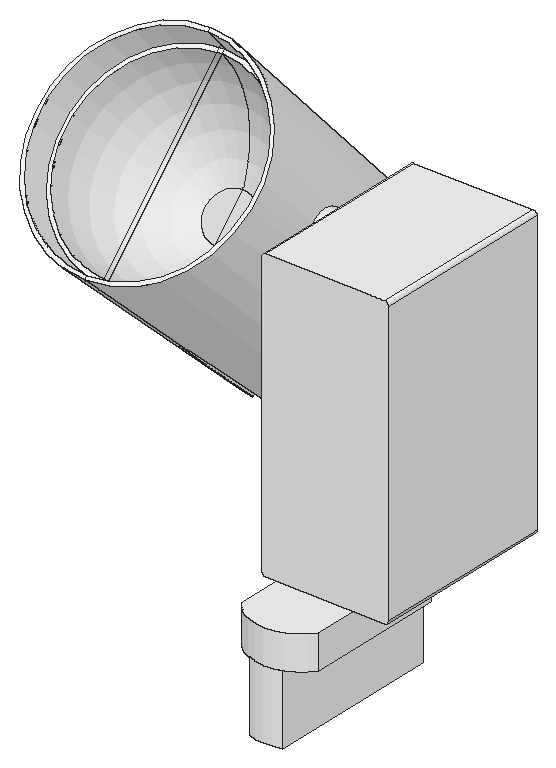
Revit family "0004827 Feilo Sylvania Lighting Fixture START TRACK SPOT S 24W 4K RA80 MB WHITE", category Lighting Fixtures, host Face, Revit 2017 (continued)
Definition of nested family "Start Track Spot Head"
  Types (96, lengths in mm): name | Wattage | built-in parameter 1150134 | Photometric Web File | Model | built-in parameter 1150105 | Lumens | built-in parameter 1150107 | built-in parameter 1150106 | HeadThickness_FEILO | HeadRibOffset_FEILO | HeadRibDepth_FEILO | HeadRibCutWidth_FEILO | HeadRibCutOffset_FEILO | HeadReflectorRadius_FEILO | HeadReflectorOffset_FEILO | HeadLEDRadius_FEILO | HeadHeight_FEILO | HeadDiffusorOffset_FEILO | HeadDiaOut_FEILO | HeadDiaIn_FEILO | HeadAxisFromTop_FEILO | Emit from Circle Diameter | built-in parameter 1150104 | Description | Apparent Load
    0004864 START TRACK SPOT S 24W 3K RA90 WB WHITE | 24 W | (empty or 0) | "0004864.ies" | "START TRACK SPOT S 24W 3K RA90 WB WHITE" | 152.79 (stored number, unit not read) | 1920 lm | 3000 (stored number, unit not read) | 1.5279 (stored number, unit not read) | 1.5 | 4.179 | 55.714 | 7.167 | 50.87 | 50.588 | 55.714 | 9.556 | 117 | 9.435 | 86 | 77.477 | 69.354 | 77.477 | 7.4322 (stored number, unit not read) | "Integrated LED spotlight, Textured White - RAL9016, compact and minimalist design, ideal for retail applications, die-cast aluminium body, passive cooling heatsink. Beam angle: 64°, color temperature: 3000K , total system power: 24W, total fixture output: 1928 lm, LOR: 100%, colour rendering: Ra: 90 typical, LED Chromaticity: 3 step MacAdam ellipse, lifetime: >50000 hours at L70B50, energy class: A++, A+, A, IR/UV free light source without heat radiation, operating voltage: 220-240V / 50-60Hz, drive current: 600mA, electronic driver, non-dimmable, power factor: 0.95, electrical protection: Class II, Global Track 3 Phase adapter suitable for Global trac 3-circuit tracks, ingress protection rating: IP20, suitable for internal environment only, horizontal rotation: 355°, vertical tilt: 90°, dimensions: Ø86x140x200, weight: 0.966kg." | 24 VA
    0004863 START TRACK SPOT S 24W 3K RA90 MB WHITE | 24 W | (empty or 0) | "0004863.ies" | "START TRACK SPOT S 24W 3K RA90 MB WHITE" | 154.7 (stored number, unit not read) | 1944 lm | 3000 (stored number, unit not read) | 1.547 (stored number, unit not read) | 1.5 | 4.179 | 55.714 | 7.167 | 50.87 | 50.588 | 55.714 | 9.556 | 117 | 9.435 | 86 | 77.477 | 69.354 | 77.477 | 7.5251 (stored number, unit not read) | "Integrated LED spotlight, Textured White - RAL9016, compact and minimalist design, ideal for retail applications, die-cast aluminium body, passive cooling heatsink. Beam angle: 36°, color temperature: 3000K , total system power: 24W, total fixture output: 1944 lm, LOR: 100%, colour rendering: Ra: 90 typical, LED Chromaticity: 3 step MacAdam ellipse, lifetime: >50000 hours at L70B50, energy class: A++, A+, A, IR/UV free light source without heat radiation, operating voltage: 220-240V / 50-60Hz, drive current: 600mA, electronic driver, non-dimmable, power factor: 0.95, electrical protection: Class II, Global Track 3 Phase adapter suitable for Global trac 3-circuit tracks, ingress protection rating: IP20, suitable for internal environment only, horizontal rotation: 355°, vertical tilt: 90°, dimensions: Ø86x140x200, weight: 0.966kg." | 24 VA
    0004862 START TRACK SPOT S 24W 3K RA90 NB WHITE | 24 W | (empty or 0) | "0004862.ies" | "START TRACK SPOT S 24W 3K RA90 NB WHITE" | 158.52 (stored number, unit not read) | 1992 lm | 3000 (stored number, unit not read) | 1.5852 (stored number, unit not read) | 1.5 | 4.179 | 55.714 | 7.167 | 50.87 | 50.588 | 55.714 | 9.556 | 117 | 9.435 | 86 | 77.477 | 69.354 | 77.477 | 7.711 (stored number, unit not read) | "Integrated LED spotlight, Textured White - RAL9016, compact and minimalist design, ideal for retail applications, die-cast aluminium body, passive cooling heatsink. Beam angle: 12°, color temperature: 3000K , total system power: 24W, total fixture output: 1987 lm, LOR: 100%, colour rendering: Ra: 90 typical, LED Chromaticity: 3 step MacAdam ellipse, lifetime: >50000 hours at L70B50, energy class: A++, A+, A, IR/UV free light source without heat radiation, operating voltage: 220-240V / 50-60Hz, drive current: 600mA, electronic driver, non-dimmable, power factor: 0.95, electrical protection: Class II, Global Track 3 Phase adapter suitable for Global trac 3-circuit tracks, ingress protection rating: IP20, suitable for internal environment only, horizontal rotation: 355°, vertical tilt: 90°, dimensions: Ø86x140x200, weight: 0.966kg." | 24 VA
    0004861 START TRACK SPOT S 14W 3K RA90 WB WHITE | 14 W | (empty or 0) | "0004861.ies" | "START TRACK SPOT S 14W 3K RA90 WB WHITE" | 100.27 (stored number, unit not read) | 1260 lm | 3000 (stored number, unit not read) | 1.0027 (stored number, unit not read) | 1.5 | 4.179 | 55.714 | 7.167 | 50.87 | 50.588 | 55.714 | 9.556 | 117 | 9.435 | 86 | 77.477 | 69.354 | 77.477 | 8.3613 (stored number, unit not read) | "Integrated LED spotlight, Textured White - RAL9016, compact and minimalist design, ideal for retail applications, die-cast aluminium body, passive cooling heatsink. Beam angle: 64°, color temperature: 3000K , total system power: 14W, total fixture output: 1262 lm, LOR: 100%, colour rendering: Ra: 90 typical, LED Chromaticity: 3 step MacAdam ellipse, lifetime: >50000 hours at L70B50, energy class: A++, A+, A, IR/UV free light source without heat radiation, operating voltage: 220-240V / 50-60Hz, drive current: 350mA, electronic driver, non-dimmable, power factor: 0.92, electrical protection: Class II, Global Track 3 Phase adapter suitable for Global trac 3-circuit tracks, ingress protection rating: IP20, suitable for internal environment only, horizontal rotation: 355°, vertical tilt: 90°, dimensions: Ø86x140x200, weight: 0.940kg." | 14 VA
    0004860 START TRACK SPOT S 14W 3K RA90 MB WHITE | 14 W | (empty or 0) | "0004860.ies" | "START TRACK SPOT S 14W 3K RA90 MB WHITE" | 100.27 (stored number, unit not read) | 1260 lm | 3000 (stored number, unit not read) | 1.0027 (stored number, unit not read) | 1.5 | 4.179 | 55.714 | 7.167 | 50.87 | 50.588 | 55.714 | 9.556 | 117 | 9.435 | 86 | 77.477 | 69.354 | 77.477 | 8.3613 (stored number, unit not read) | "Integrated LED spotlight, Textured White - RAL9016, compact and minimalist design, ideal for retail applications, die-cast aluminium body, passive cooling heatsink. Beam angle: 36°, color temperature: 3000K , total system power: 14W, total fixture output: 1262 lm, LOR: 100%, colour rendering: Ra: 90 typical, LED Chromaticity: 3 step MacAdam ellipse, lifetime: >50000 hours at L70B50, energy class: A++, A+, A, IR/UV free light source without heat radiation, operating voltage: 220-240V / 50-60Hz, drive current: 350mA, electronic driver, non-dimmable, power factor: 0.92, electrical protection: Class II, Global Track 3 Phase adapter suitable for Global trac 3-circuit tracks, ingress protection rating: IP20, suitable for internal environment only, horizontal rotation: 355°, vertical tilt: 90°, dimensions: Ø86x140x200, weight: 0.940kg." | 14 VA
    0004859 START TRACK SPOT S 14W 3K RA90 NB WHITE | 14 W | (empty or 0) | "0004859.ies" | "START TRACK SPOT S 14W 3K RA90 NB WHITE" | 102.5 (stored number, unit not read) | 1288 lm | 3000 (stored number, unit not read) | 1.025 (stored number, unit not read) | 1.5 | 4.179 | 55.714 | 7.167 | 50.87 | 50.588 | 55.714 | 9.556 | 117 | 9.435 | 86 | 77.477 | 69.354 | 77.477 | 8.5471 (stored number, unit not read) | "Integrated LED spotlight, Textured White - RAL9016, compact and minimalist design, ideal for retail applications, die-cast aluminium body, passive cooling heatsink. Beam angle: 12°, color temperature: 3000K , total system power: 14W, total fixture output: 1284 lm, LOR: 100%, colour rendering: Ra: 90 typical, LED Chromaticity: 3 step MacAdam ellipse, lifetime: >50000 hours at L70B50, energy class: A++, A+, A, IR/UV free light source without heat radiation, operating voltage: 220-240V / 50-60Hz, drive current: 350mA, electronic driver, non-dimmable, power factor: 0.92, electrical protection: Class II, Global Track 3 Phase adapter suitable for Global trac 3-circuit tracks, ingress protection rating: IP20, suitable for internal environment only, horizontal rotation: 355°, vertical tilt: 90°, dimensions: Ø86x140x200, weight: 0.940kg." | 14 VA
    0004858 START TRACK SPOT L 55W 4K RA80 WB BLACK | 55 W | 12 | "0004858.ies" | "START TRACK SPOT L 55W 4K RA80 WB BLACK" | 424.55 (stored number, unit not read) | 5335 lm | 4000 (stored number, unit not read) | 4.2455 (stored number, unit not read) | 2 | 4.429 | 59.048 | 9.417 | 53.913 | 66.471 | 59.048 | 12.556 | 124 | 10 | 113 | 101.802 | 73.503 | 101.802 | 9.0116 (stored number, unit not read) | "Integrated LED spotlight, Textured Black - RAL9005, compact and minimalist design, ideal for retail applications, die-cast aluminium body, passive cooling heatsink. Beam angle: 52°, color temperature: 4000K , total system power: 55W, total fixture output: 5320 lm, LOR: 100%, colour rendering: Ra: 80 typical, LED Chromaticity: 3 step MacAdam ellipse, lifetime: >50000 hours at L70B50, energy class: A++, A+, A, IR/UV free light source without heat radiation, operating voltage: 220-240V / 50-60Hz, drive current: 1400mA, electronic driver, non-dimmable, power factor: 0.96, electrical protection: Class II, Global Track 3 Phase adapter suitable for Global trac 3-circuit tracks, ingress protection rating: IP20, suitable for internal environment only, horizontal rotation: 355°, vertical tilt: 90°, dimensions: Ø113x164x240, weight: 1.398kg." | 55 VA
    0004857 START TRACK SPOT L 55W 4K RA80 MB BLACK | 55 W | 12 | "0004857.ies" | "START TRACK SPOT L 55W 4K RA80 MB BLACK" | 428.92 (stored number, unit not read) | 5390 lm | 4000 (stored number, unit not read) | 4.2892 (stored number, unit not read) | 2 | 4.429 | 59.048 | 9.417 | 53.913 | 66.471 | 59.048 | 12.556 | 124 | 10 | 113 | 101.802 | 73.503 | 101.802 | 9.1045 (stored number, unit not read) | "Integrated LED spotlight, Textured Black - RAL9005, compact and minimalist design, ideal for retail applications, die-cast aluminium body, passive cooling heatsink. Beam angle: 38°, color temperature: 4000K , total system power: 55W, total fixture output: 5378 lm, LOR: 100%, colour rendering: Ra: 80 typical, LED Chromaticity: 3 step MacAdam ellipse, lifetime: >50000 hours at L70B50, energy class: A++, A+, A, IR/UV free light source without heat radiation, operating voltage: 220-240V / 50-60Hz, drive current: 1400mA, electronic driver, non-dimmable, power factor: 0.96, electrical protection: Class II, Global Track 3 Phase adapter suitable for Global trac 3-circuit tracks, ingress protection rating: IP20, suitable for internal environment only, horizontal rotation: 355°, vertical tilt: 90°, dimensions: Ø113x164x240, weight: 1.398kg." | 55 VA
    0004856 START TRACK SPOT L 55W 4K RA80 NB BLACK | 55 W | 12 | "0004856.ies" | "START TRACK SPOT L 55W 4K RA80 NB BLACK" | 433.3 (stored number, unit not read) | 5445 lm | 4000 (stored number, unit not read) | 4.333 (stored number, unit not read) | 2 | 4.429 | 59.048 | 9.417 | 53.913 | 66.471 | 59.048 | 12.556 | 124 | 10 | 113 | 101.802 | 73.503 | 101.802 | 9.1974 (stored number, unit not read) | "Integrated LED spotlight, Textured Black - RAL9005, compact and minimalist design, ideal for retail applications, die-cast aluminium body, passive cooling heatsink. Beam angle: 15°, color temperature: 4000K , total system power: 55W, total fixture output: 5426 lm, LOR: 100%, colour rendering: Ra: 80 typical, LED Chromaticity: 3 step MacAdam ellipse, lifetime: >50000 hours at L70B50, energy class: A++, A+, A, IR/UV free light source without heat radiation, operating voltage: 220-240V / 50-60Hz, drive current: 1400mA, electronic driver, non-dimmable, power factor: 0.96, electrical protection: Class II, Global Track 3 Phase adapter suitable for Global trac 3-circuit tracks, ingress protection rating: IP20, suitable for internal environment only, horizontal rotation: 355°, vertical tilt: 90°, dimensions: Ø113x164x240, weight: 1.398kg." | 55 VA
    0004855 START TRACK SPOT L 35W 4K RA80 WB BLACK | 35 W | 12 | "0004855.ies" | "START TRACK SPOT L 35W 4K RA80 WB BLACK" | 320.3 (stored number, unit not read) | 4025 lm | 4000 (stored number, unit not read) | 3.203 (stored number, unit not read) | 2 | 4.429 | 59.048 | 9.417 | 53.913 | 66.471 | 59.048 | 12.556 | 124 | 10 | 113 | 101.802 | 73.503 | 101.802 | 10.684 (stored number, unit not read) | "Integrated LED spotlight, Textured Black - RAL9005, compact and minimalist design, ideal for retail applications, die-cast aluminium body, passive cooling heatsink. Beam angle: 52°, color temperature: 4000K , total system power: 35W, total fixture output: 4010 lm, LOR: 100%, colour rendering: Ra: 80 typical, LED Chromaticity: 3 step MacAdam ellipse, lifetime: >50000 hours at L70B50, energy class: A++, A+, A, IR/UV free light source without heat radiation, operating voltage: 220-240V / 50-60Hz, drive current: 900mA, electronic driver, non-dimmable, power factor: 0.93, electrical protection: Class II, Global Track 3 Phase adapter suitable for Global trac 3-circuit tracks, ingress protection rating: IP20, suitable for internal environment only, horizontal rotation: 355°, vertical tilt: 90°, dimensions: Ø113x164x240, weight: 1.368kg." | 35 VA
    0004854 START TRACK SPOT L 35W 4K RA80 MB BLACK | 35 W | 12 | "0004854.ies" | "START TRACK SPOT L 35W 4K RA80 MB BLACK" | 320.3 (stored number, unit not read) | 4025 lm | 4000 (stored number, unit not read) | 3.203 (stored number, unit not read) | 2 | 4.429 | 59.048 | 9.417 | 53.913 | 66.471 | 59.048 | 12.556 | 124 | 10 | 113 | 101.802 | 73.503 | 101.802 | 10.684 (stored number, unit not read) | "Integrated LED spotlight, Textured Black - RAL9005, compact and minimalist design, ideal for retail applications, die-cast aluminium body, passive cooling heatsink. Beam angle: 38°, color temperature: 4000K , total system power: 35W, total fixture output: 4017 lm, LOR: 100%, colour rendering: Ra: 80 typical, LED Chromaticity: 3 step MacAdam ellipse, lifetime: >50000 hours at L70B50, energy class: A++, A+, A, IR/UV free light source without heat radiation, operating voltage: 220-240V / 50-60Hz, drive current: 900mA, electronic driver, non-dimmable, power factor: 0.93, electrical protection: Class II, Global Track 3 Phase adapter suitable for Global trac 3-circuit tracks, ingress protection rating: IP20, suitable for internal environment only, horizontal rotation: 355°, vertical tilt: 90°, dimensions: Ø113x164x240, weight: 1.368kg." | 35 VA
    0004853 START TRACK SPOT L 35W 4K RA80 NB BLACK | 35 W | 12 | "0004853.ies" | "START TRACK SPOT L 35W 4K RA80 NB BLACK" | 331.44 (stored number, unit not read) | 4165 lm | 4000 (stored number, unit not read) | 3.3144 (stored number, unit not read) | 2 | 4.429 | 59.048 | 9.417 | 53.913 | 66.471 | 59.048 | 12.556 | 124 | 10 | 113 | 101.802 | 73.503 | 101.802 | 11.055 (stored number, unit not read) | "Integrated LED spotlight, Textured Black - RAL9005, compact and minimalist design, ideal for retail applications, die-cast aluminium body, passive cooling heatsink. Beam angle: 15°, color temperature: 4000K , total system power: 35W, total fixture output: 4174 lm, LOR: 100%, colour rendering: Ra: 80 typical, LED Chromaticity: 3 step MacAdam ellipse, lifetime: >50000 hours at L70B50, energy class: A++, A+, A, IR/UV free light source without heat radiation, operating voltage: 220-240V / 50-60Hz, drive current: 900mA, electronic driver, non-dimmable, power factor: 0.93, electrical protection: Class II, Global Track 3 Phase adapter suitable for Global trac 3-circuit tracks, ingress protection rating: IP20, suitable for internal environment only, horizontal rotation: 355°, vertical tilt: 90°, dimensions: Ø113x164x240, weight: 1.368kg." | 35 VA
    0004852 START TRACK SPOT S 24W 4K RA80 WB BLACK | 24 W | 12 | "0004852.ies" | "START TRACK SPOT S 24W 4K RA80 WB BLACK" | 196.72 (stored number, unit not read) | 2472 lm | 4000 (stored number, unit not read) | 1.9672 (stored number, unit not read) | 1.5 | 4.179 | 55.714 | 7.167 | 50.87 | 50.588 | 55.714 | 9.556 | 117 | 9.435 | 86 | 77.477 | 69.354 | 77.477 | 9.569 (stored number, unit not read) | "Integrated LED spotlight, Textured Black - RAL9005, compact and minimalist design, ideal for retail applications, die-cast aluminium body, passive cooling heatsink. Beam angle: 64°, color temperature: 4000K , total system power: 24W, total fixture output: 2476 lm, LOR: 100%, colour rendering: Ra: 80 typical, LED Chromaticity: 3 step MacAdam ellipse, lifetime: >50000 hours at L70B50, energy class: A++, A+, A, IR/UV free light source without heat radiation, operating voltage: 220-240V / 50-60Hz, drive current: 600mA, electronic driver, non-dimmable, power factor: 0.95, electrical protection: Class II, Global Track 3 Phase adapter suitable for Global trac 3-circuit tracks, ingress protection rating: IP20, suitable for internal environment only, horizontal rotation: 355°, vertical tilt: 90°, dimensions: Ø86x140x200, weight: 0.966kg." | 24 VA
    0004851 START TRACK SPOT S 24W 4K RA80 MB BLACK | 24 W | 12 | "0004851.ies" | "START TRACK SPOT S 24W 4K RA80 MB BLACK" | 198.63 (stored number, unit not read) | 2496 lm | 4000 (stored number, unit not read) | 1.9863 (stored number, unit not read) | 1.5 | 4.179 | 55.714 | 7.167 | 50.87 | 50.588 | 55.714 | 9.556 | 117 | 9.435 | 86 | 77.477 | 69.354 | 77.477 | 9.6619 (stored number, unit not read) | "Integrated LED spotlight, Textured Black - RAL9005, compact and minimalist design, ideal for retail applications, die-cast aluminium body, passive cooling heatsink. Beam angle: 36°, color temperature: 4000K , total system power: 24W, total fixture output: 2487 lm, LOR: 100%, colour rendering: Ra: 80 typical, LED Chromaticity: 3 step MacAdam ellipse, lifetime: >50000 hours at L70B50, energy class: A++, A+, A, IR/UV free light source without heat radiation, operating voltage: 220-240V / 50-60Hz, drive current: 600mA, electronic driver, non-dimmable, power factor: 0.95, electrical protection: Class II, Global Track 3 Phase adapter suitable for Global trac 3-circuit tracks, ingress protection rating: IP20, suitable for internal environment only, horizontal rotation: 355°, vertical tilt: 90°, dimensions: Ø86x140x200, weight: 0.966kg." | 24 VA
    0004850 START TRACK SPOT S 24W 4K RA80 NB BLACK | 24 W | 12 | "0004850.ies" | "START TRACK SPOT S 24W 4K RA80 NB BLACK" | 200.54 (stored number, unit not read) | 2520 lm | 4000 (stored number, unit not read) | 2.0054 (stored number, unit not read) | 1.5 | 4.179 | 55.714 | 7.167 | 50.87 | 50.588 | 55.714 | 9.556 | 117 | 9.435 | 86 | 77.477 | 69.354 | 77.477 | 9.7548 (stored number, unit not read) | "Integrated LED spotlight, Textured Black - RAL9005, compact and minimalist design, ideal for retail applications, die-cast aluminium body, passive cooling heatsink. Beam angle: 12°, color temperature: 4000K , total system power: 24W, total fixture output: 2529 lm, LOR: 100%, colour rendering: Ra: 80 typical, LED Chromaticity: 3 step MacAdam ellipse, lifetime: >50000 hours at L70B50, energy class: A++, A+, A, IR/UV free light source without heat radiation, operating voltage: 220-240V / 50-60Hz, drive current: 600mA, electronic driver, non-dimmable, power factor: 0.95, electrical protection: Class II, Global Track 3 Phase adapter suitable for Global trac 3-circuit tracks, ingress protection rating: IP20, suitable for internal environment only, horizontal rotation: 355°, vertical tilt: 90°, dimensions: Ø86x140x200, weight: 0.966kg." | 24 VA
    0004849 START TRACK SPOT S 14W 4K RA80 WB BLACK | 14 W | 12 | "0004849.ies" | "START TRACK SPOT S 14W 4K RA80 WB BLACK" | 123.66 (stored number, unit not read) | 1554 lm | 4000 (stored number, unit not read) | 1.2366 (stored number, unit not read) | 1.5 | 4.179 | 55.714 | 7.167 | 50.87 | 50.588 | 55.714 | 9.556 | 117 | 9.435 | 86 | 77.477 | 69.354 | 77.477 | 10.312 (stored number, unit not read) | "Integrated LED spotlight, Textured Black - RAL9005, compact and minimalist design, ideal for retail applications, die-cast aluminium body, passive cooling heatsink. Beam angle: 64°, color temperature: 4000K , total system power: 14W, total fixture output: 1558 lm, LOR: 100%, colour rendering: Ra: 80 typical, LED Chromaticity: 3 step MacAdam ellipse, lifetime: >50000 hours at L70B50, energy class: A++, A+, A, IR/UV free light source without heat radiation, operating voltage: 220-240V / 50-60Hz, drive current: 350mA, electronic driver, non-dimmable, power factor: 0.92, electrical protection: Class II, Global Track 3 Phase adapter suitable for Global trac 3-circuit tracks, ingress protection rating: IP20, suitable for internal environment only, horizontal rotation: 355°, vertical tilt: 90°, dimensions: Ø86x140x200, weight: 0.940kg." | 14 VA
    0004848 START TRACK SPOT S 14W 4K RA80 MB BLACK | 14 W | 12 | "0004848.ies" | "START TRACK SPOT S 14W 4K RA80 MB BLACK" | 127.01 (stored number, unit not read) | 1596 lm | 4000 (stored number, unit not read) | 1.2701 (stored number, unit not read) | 1.5 | 4.179 | 55.714 | 7.167 | 50.87 | 50.588 | 55.714 | 9.556 | 117 | 9.435 | 86 | 77.477 | 69.354 | 77.477 | 10.591 (stored number, unit not read) | "Integrated LED spotlight, Textured Black - RAL9005, compact and minimalist design, ideal for retail applications, die-cast aluminium body, passive cooling heatsink. Beam angle: 36°, color temperature: 4000K , total system power: 14W, total fixture output: 1598 lm, LOR: 100%, colour rendering: Ra: 80 typical, LED Chromaticity: 3 step MacAdam ellipse, lifetime: >50000 hours at L70B50, energy class: A++, A+, A, IR/UV free light source without heat radiation, operating voltage: 220-240V / 50-60Hz, drive current: 350mA, electronic driver, non-dimmable, power factor: 0.92, electrical protection: Class II, Global Track 3 Phase adapter suitable for Global trac 3-circuit tracks, ingress protection rating: IP20, suitable for internal environment only, horizontal rotation: 355°, vertical tilt: 90°, dimensions: Ø86x140x200, weight: 0.940kg." | 14 VA
    0004847 START TRACK SPOT S 14W 4K RA80 NB BLACK | 14 W | 12 | "0004847.ies" | "START TRACK SPOT S 14W 4K RA80 NB BLACK" | 128.12 (stored number, unit not read) | 1610 lm | 4000 (stored number, unit not read) | 1.2812 (stored number, unit not read) | 1.5 | 4.179 | 55.714 | 7.167 | 50.87 | 50.588 | 55.714 | 9.556 | 117 | 9.435 | 86 | 77.477 | 69.354 | 77.477 | 10.684 (stored number, unit not read) | "Integrated LED spotlight, Textured Black - RAL9005, compact and minimalist design, ideal for retail applications, die-cast aluminium body, passive cooling heatsink. Beam angle: 12°, color temperature: 4000K , total system power: 14W, total fixture output: 1608 lm, LOR: 100%, colour rendering: Ra: 80 typical, LED Chromaticity: 3 step MacAdam ellipse, lifetime: >50000 hours at L70B50, energy class: A++, A+, A, IR/UV free light source without heat radiation, operating voltage: 220-240V / 50-60Hz, drive current: 350mA, electronic driver, non-dimmable, power factor: 0.92, electrical protection: Class II, Global Track 3 Phase adapter suitable for Global trac 3-circuit tracks, ingress protection rating: IP20, suitable for internal environment only, horizontal rotation: 355°, vertical tilt: 90°, dimensions: Ø86x140x200, weight: 0.940kg." | 14 VA
    0004846 START TRACK SPOT L 55W 3K RA80 WB BLACK | 55 W | (empty or 0) | "0004846.ies" | "START TRACK SPOT L 55W 3K RA80 WB BLACK" | 420.17 (stored number, unit not read) | 5280 lm | 3000 (stored number, unit not read) | 4.2017 (stored number, unit not read) | 2 | 4.429 | 59.048 | 9.417 | 53.913 | 66.471 | 59.048 | 12.556 | 124 | 10 | 113 | 101.802 | 73.503 | 101.802 | 8.9187 (stored number, unit not read) | "Integrated LED spotlight, Textured Black - RAL9005, compact and minimalist design, ideal for retail applications, die-cast aluminium body, passive cooling heatsink. Beam angle: 52°, color temperature: 3000K , total system power: 55W, total fixture output: 5298 lm, LOR: 100%, colour rendering: Ra: 80 typical, LED Chromaticity: 3 step MacAdam ellipse, lifetime: >50000 hours at L70B50, energy class: A++, A+, A, IR/UV free light source without heat radiation, operating voltage: 220-240V / 50-60Hz, drive current: 1400mA, electronic driver, non-dimmable, power factor: 0.96, electrical protection: Class II, Global Track 3 Phase adapter suitable for Global trac 3-circuit tracks, ingress protection rating: IP20, suitable for internal environment only, horizontal rotation: 355°, vertical tilt: 90°, dimensions: Ø113x164x240, weight: 1.398kg." | 55 VA
    0004845 START TRACK SPOT L 55W 3K RA80 MB BLACK | 55 W | (empty or 0) | "0004845.ies" | "START TRACK SPOT L 55W 3K RA80 MB BLACK" | 428.92 (stored number, unit not read) | 5390 lm | 3000 (stored number, unit not read) | 4.2892 (stored number, unit not read) | 2 | 4.429 | 59.048 | 9.417 | 53.913 | 66.471 | 59.048 | 12.556 | 124 | 10 | 113 | 101.802 | 73.503 | 101.802 | 9.1045 (stored number, unit not read) | "Integrated LED spotlight, Textured Black - RAL9005, compact and minimalist design, ideal for retail applications, die-cast aluminium body, passive cooling heatsink. Beam angle: 38°, color temperature: 3000K , total system power: 55W, total fixture output: 5381 lm, LOR: 100%, colour rendering: Ra: 80 typical, LED Chromaticity: 3 step MacAdam ellipse, lifetime: >50000 hours at L70B50, energy class: A++, A+, A, IR/UV free light source without heat radiation, operating voltage: 220-240V / 50-60Hz, drive current: 1400mA, electronic driver, non-dimmable, power factor: 0.96, electrical protection: Class II, Global Track 3 Phase adapter suitable for Global trac 3-circuit tracks, ingress protection rating: IP20, suitable for internal environment only, horizontal rotation: 355°, vertical tilt: 90°, dimensions: Ø113x164x240, weight: 1.398kg." | 55 VA
    0004844 START TRACK SPOT L 55W 3K RA80 NB BLACK | 55 W | (empty or 0) | "0004844.ies" | "START TRACK SPOT L 55W 3K RA80 NB BLACK" | 433.3 (stored number, unit not read) | 5445 lm | 3000 (stored number, unit not read) | 4.333 (stored number, unit not read) | 2 | 4.429 | 59.048 | 9.417 | 53.913 | 66.471 | 59.048 | 12.556 | 124 | 10 | 113 | 101.802 | 73.503 | 101.802 | 9.1974 (stored number, unit not read) | "Integrated LED spotlight, Textured Black - RAL9005, compact and minimalist design, ideal for retail applications, die-cast aluminium body, passive cooling heatsink. Beam angle: 15°, color temperature: 3000K , total system power: 55W, total fixture output: 5449 lm, LOR: 100%, colour rendering: Ra: 80 typical, LED Chromaticity: 3 step MacAdam ellipse, lifetime: >50000 hours at L70B50, energy class: A++, A+, A, IR/UV free light source without heat radiation, operating voltage: 220-240V / 50-60Hz, drive current: 1400mA, electronic driver, non-dimmable, power factor: 0.96, electrical protection: Class II, Global Track 3 Phase adapter suitable for Global trac 3-circuit tracks, ingress protection rating: IP20, suitable for internal environment only, horizontal rotation: 355°, vertical tilt: 90°, dimensions: Ø113x164x240, weight: 1.398kg." | 55 VA
    0004843 START TRACK SPOT L 35W 3K RA80 WB BLACK | 35 W | (empty or 0) | "0004843.ies" | "START TRACK SPOT L 35W 3K RA80 WB BLACK" | 314.73 (stored number, unit not read) | 3955 lm | 3000 (stored number, unit not read) | 3.1473 (stored number, unit not read) | 2 | 4.429 | 59.048 | 9.417 | 53.913 | 66.471 | 59.048 | 12.556 | 124 | 10 | 113 | 101.802 | 73.503 | 101.802 | 10.498 (stored number, unit not read) | "Integrated LED spotlight, Textured Black - RAL9005, compact and minimalist design, ideal for retail applications, die-cast aluminium body, passive cooling heatsink. Beam angle: 52°, color temperature: 3000K , total system power: 35W, total fixture output: 3943 lm, LOR: 100%, colour rendering: Ra: 80 typical, LED Chromaticity: 3 step MacAdam ellipse, lifetime: >50000 hours at L70B50, energy class: A++, A+, A, IR/UV free light source without heat radiation, operating voltage: 220-240V / 50-60Hz, drive current: 900mA, electronic driver, non-dimmable, power factor: 0.93, electrical protection: Class II, Global Track 3 Phase adapter suitable for Global trac 3-circuit tracks, ingress protection rating: IP20, suitable for internal environment only, horizontal rotation: 355°, vertical tilt: 90°, dimensions: Ø113x164x240, weight: 1.368kg." | 35 VA
    0004842 START TRACK SPOT L 35W 3K RA80 MB BLACK | 35 W | (empty or 0) | "0004842.ies" | "START TRACK SPOT L 35W 3K RA80 MB BLACK" | 320.3 (stored number, unit not read) | 4025 lm | 3000 (stored number, unit not read) | 3.203 (stored number, unit not read) | 2 | 4.429 | 59.048 | 9.417 | 53.913 | 66.471 | 59.048 | 12.556 | 124 | 10 | 113 | 101.802 | 73.503 | 101.802 | 10.684 (stored number, unit not read) | "Integrated LED spotlight, Textured Black - RAL9005, compact and minimalist design, ideal for retail applications, die-cast aluminium body, passive cooling heatsink. Beam angle: 38°, color temperature: 3000K , total system power: 35W, total fixture output: 4008 lm, LOR: 100%, colour rendering: Ra: 80 typical, LED Chromaticity: 3 step MacAdam ellipse, lifetime: >50000 hours at L70B50, energy class: A++, A+, A, IR/UV free light source without heat radiation, operating voltage: 220-240V / 50-60Hz, drive current: 900mA, electronic driver, non-dimmable, power factor: 0.93, electrical protection: Class II, Global Track 3 Phase adapter suitable for Global trac 3-circuit tracks, ingress protection rating: IP20, suitable for internal environment only, horizontal rotation: 355°, vertical tilt: 90°, dimensions: Ø113x164x240, weight: 1.368kg." | 35 VA
    0004841 START TRACK SPOT L 35W 3K RA80 NB BLACK | 35 W | (empty or 0) | "0004841.ies" | "START TRACK SPOT L 35W 3K RA80 NB BLACK" | 317.51 (stored number, unit not read) | 3990 lm | 3000 (stored number, unit not read) | 3.1751 (stored number, unit not read) | 2 | 4.429 | 59.048 | 9.417 | 53.913 | 66.471 | 59.048 | 12.556 | 124 | 10 | 113 | 101.802 | 73.503 | 101.802 | 10.591 (stored number, unit not read) | "Integrated LED spotlight, Textured Black - RAL9005, compact and minimalist design, ideal for retail applications, die-cast aluminium body, passive cooling heatsink. Beam angle: 15°, color temperature: 3000K , total system power: 35W, total fixture output: 4005 lm, LOR: 100%, colour rendering: Ra: 80 typical, LED Chromaticity: 3 step MacAdam ellipse, lifetime: >50000 hours at L70B50, energy class: A++, A+, A, IR/UV free light source without heat radiation, operating voltage: 220-240V / 50-60Hz, drive current: 900mA, electronic driver, non-dimmable, power factor: 0.93, electrical protection: Class II, Global Track 3 Phase adapter suitable for Global trac 3-circuit tracks, ingress protection rating: IP20, suitable for internal environment only, horizontal rotation: 355°, vertical tilt: 90°, dimensions: Ø113x164x240, weight: 1.368kg." | 35 VA
    0004840 START TRACK SPOT S 24W 3K RA80 WB BLACK | 24 W | (empty or 0) | "0004840.ies" | "START TRACK SPOT S 24W 3K RA80 WB BLACK" | 185.26 (stored number, unit not read) | 2328 lm | 3000 (stored number, unit not read) | 1.8526 (stored number, unit not read) | 1.5 | 4.179 | 55.714 | 7.167 | 50.87 | 50.588 | 55.714 | 9.556 | 117 | 9.435 | 86 | 77.477 | 69.354 | 77.477 | 9.0116 (stored number, unit not read) | "Integrated LED spotlight, Textured Black - RAL9005, compact and minimalist design, ideal for retail applications, die-cast aluminium body, passive cooling heatsink. Beam angle: 64°, color temperature: 3000K , total system power: 24W, total fixture output: 2318 lm, LOR: 100%, colour rendering: Ra: 80 typical, LED Chromaticity: 3 step MacAdam ellipse, lifetime: >50000 hours at L70B50, energy class: A++, A+, A, IR/UV free light source without heat radiation, operating voltage: 220-240V / 50-60Hz, drive current: 600mA, electronic driver, non-dimmable, power factor: 0.95, electrical protection: Class II, Global Track 3 Phase adapter suitable for Global trac 3-circuit tracks, ingress protection rating: IP20, suitable for internal environment only, horizontal rotation: 355°, vertical tilt: 90°, dimensions: Ø86x140x200, weight: 0.966kg." | 24 VA
    0004839 START TRACK SPOT S 24W 3K RA80 MB BLACK | 24 W | (empty or 0) | "0004839.ies" | "START TRACK SPOT S 24W 3K RA80 MB BLACK" | 183.35 (stored number, unit not read) | 2304 lm | 3000 (stored number, unit not read) | 1.8335 (stored number, unit not read) | 1.5 | 4.179 | 55.714 | 7.167 | 50.87 | 50.588 | 55.714 | 9.556 | 117 | 9.435 | 86 | 77.477 | 69.354 | 77.477 | 8.9187 (stored number, unit not read) | "Integrated LED spotlight, Textured Black - RAL9005, compact and minimalist design, ideal for retail applications, die-cast aluminium body, passive cooling heatsink. Beam angle: 36°, color temperature: 3000K , total system power: 24W, total fixture output: 2314 lm, LOR: 100%, colour rendering: Ra: 80 typical, LED Chromaticity: 3 step MacAdam ellipse, lifetime: >50000 hours at L70B50, energy class: A++, A+, A, IR/UV free light source without heat radiation, operating voltage: 220-240V / 50-60Hz, drive current: 600mA, electronic driver, non-dimmable, power factor: 0.95, electrical protection: Class II, Global Track 3 Phase adapter suitable for Global trac 3-circuit tracks, ingress protection rating: IP20, suitable for internal environment only, horizontal rotation: 355°, vertical tilt: 90°, dimensions: Ø86x140x200, weight: 0.966kg." | 24 VA
    0004838 START TRACK SPOT S 24W 3K RA80 NB BLACK | 24 W | (empty or 0) | "0004838.ies" | "START TRACK SPOT S 24W 3K RA80 NB BLACK" | 185.26 (stored number, unit not read) | 2328 lm | 3000 (stored number, unit not read) | 1.8526 (stored number, unit not read) | 1.5 | 4.179 | 55.714 | 7.167 | 50.87 | 50.588 | 55.714 | 9.556 | 117 | 9.435 | 86 | 77.477 | 69.354 | 77.477 | 9.0116 (stored number, unit not read) | "Integrated LED spotlight, Textured Black - RAL9005, compact and minimalist design, ideal for retail applications, die-cast aluminium body, passive cooling heatsink. Beam angle: 12°, color temperature: 3000K , total system power: 24W, total fixture output: 2334 lm, LOR: 100%, colour rendering: Ra: 80 typical, LED Chromaticity: 3 step MacAdam ellipse, lifetime: >50000 hours at L70B50, energy class: A++, A+, A, IR/UV free light source without heat radiation, operating voltage: 220-240V / 50-60Hz, drive current: 600mA, electronic driver, non-dimmable, power factor: 0.95, electrical protection: Class II, Global Track 3 Phase adapter suitable for Global trac 3-circuit tracks, ingress protection rating: IP20, suitable for internal environment only, horizontal rotation: 355°, vertical tilt: 90°, dimensions: Ø86x140x200, weight: 0.966kg." | 24 VA
    0004837 START TRACK SPOT S 14W 3K RA80 WB BLACK | 14 W | (empty or 0) | "0004837.ies" | "START TRACK SPOT S 14W 3K RA80 WB BLACK" | 119.21 (stored number, unit not read) | 1498 lm | 3000 (stored number, unit not read) | 1.1921 (stored number, unit not read) | 1.5 | 4.179 | 55.714 | 7.167 | 50.87 | 50.588 | 55.714 | 9.556 | 117 | 9.435 | 86 | 77.477 | 69.354 | 77.477 | 9.9406 (stored number, unit not read) | "Integrated LED spotlight, Textured Black - RAL9005, compact and minimalist design, ideal for retail applications, die-cast aluminium body, passive cooling heatsink. Beam angle: 64°, color temperature: 3000K , total system power: 14W, total fixture output: 1498 lm, LOR: 100%, colour rendering: Ra: 80 typical, LED Chromaticity: 3 step MacAdam ellipse, lifetime: >50000 hours at L70B50, energy class: A++, A+, A, IR/UV free light source without heat radiation, operating voltage: 220-240V / 50-60Hz, drive current: 350mA, electronic driver, non-dimmable, power factor: 0.92, electrical protection: Class II, Global Track 3 Phase adapter suitable for Global trac 3-circuit tracks, ingress protection rating: IP20, suitable for internal environment only, horizontal rotation: 355°, vertical tilt: 90°, dimensions: Ø86x140x200, weight: 0.940kg." | 14 VA
    0004836 START TRACK SPOT S 14W 3K RA80 MB BLACK | 14 W | (empty or 0) | "0004836.ies" | "START TRACK SPOT S 14W 3K RA80 MB BLACK" | 120.32 (stored number, unit not read) | 1512 lm | 3000 (stored number, unit not read) | 1.2032 (stored number, unit not read) | 1.5 | 4.179 | 55.714 | 7.167 | 50.87 | 50.588 | 55.714 | 9.556 | 117 | 9.435 | 86 | 77.477 | 69.354 | 77.477 | 10.034 (stored number, unit not read) | "Integrated LED spotlight, Textured Black - RAL9005, compact and minimalist design, ideal for retail applications, die-cast aluminium body, passive cooling heatsink. Beam angle: 36°, color temperature: 3000K , total system power: 14W, total fixture output: 1508 lm, LOR: 100%, colour rendering: Ra: 80 typical, LED Chromaticity: 3 step MacAdam ellipse, lifetime: >50000 hours at L70B50, energy class: A++, A+, A, IR/UV free light source without heat radiation, operating voltage: 220-240V / 50-60Hz, drive current: 350mA, electronic driver, non-dimmable, power factor: 0.92, electrical protection: Class II, Global Track 3 Phase adapter suitable for Global trac 3-circuit tracks, ingress protection rating: IP20, suitable for internal environment only, horizontal rotation: 355°, vertical tilt: 90°, dimensions: Ø86x140x200, weight: 0.940kg." | 14 VA
    0004835 START TRACK SPOT S 14W 3K RA80 NB BLACK | 14 W | (empty or 0) | "0004835.ies" | "START TRACK SPOT S 14W 3K RA80 NB BLACK" | 123.66 (stored number, unit not read) | 1554 lm | 3000 (stored number, unit not read) | 1.2366 (stored number, unit not read) | 1.5 | 4.179 | 55.714 | 7.167 | 50.87 | 50.588 | 55.714 | 9.556 | 117 | 9.435 | 86 | 77.477 | 69.354 | 77.477 | 10.312 (stored number, unit not read) | "Integrated LED spotlight, Textured Black - RAL9005, compact and minimalist design, ideal for retail applications, die-cast aluminium body, passive cooling heatsink. Beam angle: 12°, color temperature: 3000K , total system power: 14W, total fixture output: 1551 lm, LOR: 100%, colour rendering: Ra: 80 typical, LED Chromaticity: 3 step MacAdam ellipse, lifetime: >50000 hours at L70B50, energy class: A++, A+, A, IR/UV free light source without heat radiation, operating voltage: 220-240V / 50-60Hz, drive current: 350mA, electronic driver, non-dimmable, power factor: 0.92, electrical protection: Class II, Global Track 3 Phase adapter suitable for Global trac 3-circuit tracks, ingress protection rating: IP20, suitable for internal environment only, horizontal rotation: 355°, vertical tilt: 90°, dimensions: Ø86x140x200, weight: 0.940kg." | 14 VA
    0004834 START TRACK SPOT L 55W 4K RA80 WB WHITE | 55 W | 12 | "0004834.ies" | "START TRACK SPOT L 55W 4K RA80 WB WHITE" | 424.55 (stored number, unit not read) | 5335 lm | 4000 (stored number, unit not read) | 4.2455 (stored number, unit not read) | 2 | 4.429 | 59.048 | 9.417 | 53.913 | 66.471 | 59.048 | 12.556 | 124 | 10 | 113 | 101.802 | 73.503 | 101.802 | 9.0116 (stored number, unit not read) | "Integrated LED spotlight, Textured White - RAL9016, compact and minimalist design, ideal for retail applications, die-cast aluminium body, passive cooling heatsink. Beam angle: 52°, color temperature: 4000K , total system power: 55W, total fixture output: 5320 lm, LOR: 100%, colour rendering: Ra: 80 typical, LED Chromaticity: 3 step MacAdam ellipse, lifetime: >50000 hours at L70B50, energy class: A++, A+, A, IR/UV free light source without heat radiation, operating voltage: 220-240V / 50-60Hz, drive current: 1400mA, electronic driver, non-dimmable, power factor: 0.96, electrical protection: Class II, Global Track 3 Phase adapter suitable for Global trac 3-circuit tracks, ingress protection rating: IP20, suitable for internal environment only, horizontal rotation: 355°, vertical tilt: 90°, dimensions: Ø113x164x240, weight: 1.398kg." | 55 VA
    0004833 START TRACK SPOT L 55W 4K RA80 MB WHITE | 55 W | 12 | "0004833.ies" | "START TRACK SPOT L 55W 4K RA80 MB WHITE" | 428.92 (stored number, unit not read) | 5390 lm | 4000 (stored number, unit not read) | 4.2892 (stored number, unit not read) | 2 | 4.429 | 59.048 | 9.417 | 53.913 | 66.471 | 59.048 | 12.556 | 124 | 10 | 113 | 101.802 | 73.503 | 101.802 | 9.1045 (stored number, unit not read) | "Integrated LED spotlight, Textured White - RAL9016, compact and minimalist design, ideal for retail applications, die-cast aluminium body, passive cooling heatsink. Beam angle: 38°, color temperature: 4000K , total system power: 55W, total fixture output: 5378 lm, LOR: 100%, colour rendering: Ra: 80 typical, LED Chromaticity: 3 step MacAdam ellipse, lifetime: >50000 hours at L70B50, energy class: A++, A+, A, IR/UV free light source without heat radiation, operating voltage: 220-240V / 50-60Hz, drive current: 1400mA, electronic driver, non-dimmable, power factor: 0.96, electrical protection: Class II, Global Track 3 Phase adapter suitable for Global trac 3-circuit tracks, ingress protection rating: IP20, suitable for internal environment only, horizontal rotation: 355°, vertical tilt: 90°, dimensions: Ø113x164x240, weight: 1.398kg." | 55 VA
    0004832 START TRACK SPOT L 55W 4K RA80 NB WHITE | 55 W | 12 | "0004832.ies" | "START TRACK SPOT L 55W 4K RA80 NB WHITE" | 433.3 (stored number, unit not read) | 5445 lm | 4000 (stored number, unit not read) | 4.333 (stored number, unit not read) | 2 | 4.429 | 59.048 | 9.417 | 53.913 | 66.471 | 59.048 | 12.556 | 124 | 10 | 113 | 101.802 | 73.503 | 101.802 | 9.1974 (stored number, unit not read) | "Integrated LED spotlight, Textured White - RAL9016, compact and minimalist design, ideal for retail applications, die-cast aluminium body, passive cooling heatsink. Beam angle: 15°, color temperature: 4000K , total system power: 55W, total fixture output: 5426 lm, LOR: 100%, colour rendering: Ra: 80 typical, LED Chromaticity: 3 step MacAdam ellipse, lifetime: >50000 hours at L70B50, energy class: A++, A+, A, IR/UV free light source without heat radiation, operating voltage: 220-240V / 50-60Hz, drive current: 1400mA, electronic driver, non-dimmable, power factor: 0.96, electrical protection: Class II, Global Track 3 Phase adapter suitable for Global trac 3-circuit tracks, ingress protection rating: IP20, suitable for internal environment only, horizontal rotation: 355°, vertical tilt: 90°, dimensions: Ø113x164x240, weight: 1.398kg." | 55 VA
    0004831 START TRACK SPOT L 35W 4K RA80 WB WHITE | 35 W | 12 | "0004831.ies" | "START TRACK SPOT L 35W 4K RA80 WB WHITE" | 320.3 (stored number, unit not read) | 4025 lm | 4000 (stored number, unit not read) | 3.203 (stored number, unit not read) | 2 | 4.429 | 59.048 | 9.417 | 53.913 | 66.471 | 59.048 | 12.556 | 124 | 10 | 113 | 101.802 | 73.503 | 101.802 | 10.684 (stored number, unit not read) | "Integrated LED spotlight, Textured White - RAL9016, compact and minimalist design, ideal for retail applications, die-cast aluminium body, passive cooling heatsink. Beam angle: 52°, color temperature: 4000K , total system power: 35W, total fixture output: 4010 lm, LOR: 100%, colour rendering: Ra: 80 typical, LED Chromaticity: 3 step MacAdam ellipse, lifetime: >50000 hours at L70B50, energy class: A++, A+, A, IR/UV free light source without heat radiation, operating voltage: 220-240V / 50-60Hz, drive current: 900mA, electronic driver, non-dimmable, power factor: 0.93, electrical protection: Class II, Global Track 3 Phase adapter suitable for Global trac 3-circuit tracks, ingress protection rating: IP20, suitable for internal environment only, horizontal rotation: 355°, vertical tilt: 90°, dimensions: Ø113x164x240, weight: 1.368kg." | 35 VA
    0004830 START TRACK SPOT L 35W 4K RA80 MB WHITE | 35 W | 12 | "0004830.ies" | "START TRACK SPOT L 35W 4K RA80 MB WHITE" | 320.3 (stored number, unit not read) | 4025 lm | 4000 (stored number, unit not read) | 3.203 (stored number, unit not read) | 2 | 4.429 | 59.048 | 9.417 | 53.913 | 66.471 | 59.048 | 12.556 | 124 | 10 | 113 | 101.802 | 73.503 | 101.802 | 10.684 (stored number, unit not read) | "Integrated LED spotlight, Textured White - RAL9016, compact and minimalist design, ideal for retail applications, die-cast aluminium body, passive cooling heatsink. Beam angle: 38°, color temperature: 4000K , total system power: 35W, total fixture output: 4017 lm, LOR: 100%, colour rendering: Ra: 80 typical, LED Chromaticity: 3 step MacAdam ellipse, lifetime: >50000 hours at L70B50, energy class: A++, A+, A, IR/UV free light source without heat radiation, operating voltage: 220-240V / 50-60Hz, drive current: 900mA, electronic driver, non-dimmable, power factor: 0.93, electrical protection: Class II, Global Track 3 Phase adapter suitable for Global trac 3-circuit tracks, ingress protection rating: IP20, suitable for internal environment only, horizontal rotation: 355°, vertical tilt: 90°, dimensions: Ø113x164x240, weight: 1.368kg." | 35 VA
    0004829 START TRACK SPOT L 35W 4K RA80 NB WHITE | 35 W | 12 | "0004829.ies" | "START TRACK SPOT L 35W 4K RA80 NB WHITE" | 331.44 (stored number, unit not read) | 4165 lm | 4000 (stored number, unit not read) | 3.3144 (stored number, unit not read) | 2 | 4.429 | 59.048 | 9.417 | 53.913 | 66.471 | 59.048 | 12.556 | 124 | 10 | 113 | 101.802 | 73.503 | 101.802 | 11.055 (stored number, unit not read) | "Integrated LED spotlight, Textured White - RAL9016, compact and minimalist design, ideal for retail applications, die-cast aluminium body, passive cooling heatsink. Beam angle: 15°, color temperature: 4000K , total system power: 35W, total fixture output: 4174 lm, LOR: 100%, colour rendering: Ra: 80 typical, LED Chromaticity: 3 step MacAdam ellipse, lifetime: >50000 hours at L70B50, energy class: A++, A+, A, IR/UV free light source without heat radiation, operating voltage: 220-240V / 50-60Hz, drive current: 900mA, electronic driver, non-dimmable, power factor: 0.93, electrical protection: Class II, Global Track 3 Phase adapter suitable for Global trac 3-circuit tracks, ingress protection rating: IP20, suitable for internal environment only, horizontal rotation: 355°, vertical tilt: 90°, dimensions: Ø113x164x240, weight: 1.368kg." | 35 VA
    0004828 START TRACK SPOT S 24W 4K RA80 WB WHITE | 24 W | 12 | "0004828.ies" | "START TRACK SPOT S 24W 4K RA80 WB WHITE" | 196.72 (stored number, unit not read) | 2472 lm | 4000 (stored number, unit not read) | 1.9672 (stored number, unit not read) | 1.5 | 4.179 | 55.714 | 7.167 | 50.87 | 50.588 | 55.714 | 9.556 | 117 | 9.435 | 86 | 77.477 | 69.354 | 77.477 | 9.569 (stored number, unit not read) | "Integrated LED spotlight, Textured White - RAL9016, compact and minimalist design, ideal for retail applications, die-cast aluminium body, passive cooling heatsink. Beam angle: 64°, color temperature: 4000K , total system power: 24W, total fixture output: 2476 lm, LOR: 100%, colour rendering: Ra: 80 typical, LED Chromaticity: 3 step MacAdam ellipse, lifetime: >50000 hours at L70B50, energy class: A++, A+, A, IR/UV free light source without heat radiation, operating voltage: 220-240V / 50-60Hz, drive current: 600mA, electronic driver, non-dimmable, power factor: 0.95, electrical protection: Class II, Global Track 3 Phase adapter suitable for Global trac 3-circuit tracks, ingress protection rating: IP20, suitable for internal environment only, horizontal rotation: 355°, vertical tilt: 90°, dimensions: Ø86x140x200, weight: 0.966kg." | 24 VA
    0004827 START TRACK SPOT S 24W 4K RA80 MB WHITE | 24 W | 12 | "0004827.ies" | "START TRACK SPOT S 24W 4K RA80 MB WHITE" | 198.63 (stored number, unit not read) | 2496 lm | 4000 (stored number, unit not read) | 1.9863 (stored number, unit not read) | 1.5 | 4.179 | 55.714 | 7.167 | 50.87 | 50.588 | 55.714 | 9.556 | 117 | 9.435 | 86 | 77.477 | 69.354 | 77.477 | 9.6619 (stored number, unit not read) | "Integrated LED spotlight, Textured White - RAL9016, compact and minimalist design, ideal for retail applications, die-cast aluminium body, passive cooling heatsink. Beam angle: 36°, color temperature: 4000K , total system power: 24W, total fixture output: 2487 lm, LOR: 100%, colour rendering: Ra: 80 typical, LED Chromaticity: 3 step MacAdam ellipse, lifetime: >50000 hours at L70B50, energy class: A++, A+, A, IR/UV free light source without heat radiation, operating voltage: 220-240V / 50-60Hz, drive current: 600mA, electronic driver, non-dimmable, power factor: 0.95, electrical protection: Class II, Global Track 3 Phase adapter suitable for Global trac 3-circuit tracks, ingress protection rating: IP20, suitable for internal environment only, horizontal rotation: 355°, vertical tilt: 90°, dimensions: Ø86x140x200, weight: 0.966kg." | 24 VA
    0004826 START TRACK SPOT S 24W 4K RA80 NB WHITE | 24 W | 12 | "0004826.ies" | "START TRACK SPOT S 24W 4K RA80 NB WHITE" | 200.54 (stored number, unit not read) | 2520 lm | 4000 (stored number, unit not read) | 2.0054 (stored number, unit not read) | 1.5 | 4.179 | 55.714 | 7.167 | 50.87 | 50.588 | 55.714 | 9.556 | 117 | 9.435 | 86 | 77.477 | 69.354 | 77.477 | 9.7548 (stored number, unit not read) | "Integrated LED spotlight, Textured White - RAL9016, compact and minimalist design, ideal for retail applications, die-cast aluminium body, passive cooling heatsink. Beam angle: 12°, color temperature: 4000K , total system power: 24W, total fixture output: 2529 lm, LOR: 100%, colour rendering: Ra: 80 typical, LED Chromaticity: 3 step MacAdam ellipse, lifetime: >50000 hours at L70B50, energy class: A++, A+, A, IR/UV free light source without heat radiation, operating voltage: 220-240V / 50-60Hz, drive current: 600mA, electronic driver, non-dimmable, power factor: 0.95, electrical protection: Class II, Global Track 3 Phase adapter suitable for Global trac 3-circuit tracks, ingress protection rating: IP20, suitable for internal environment only, horizontal rotation: 355°, vertical tilt: 90°, dimensions: Ø86x140x200, weight: 0.966kg." | 24 VA
    0004825 START TRACK SPOT S 14W 4K RA80 WB WHITE | 14 W | 12 | "0004825.ies" | "START TRACK SPOT S 14W 4K RA80 WB WHITE" | 123.66 (stored number, unit not read) | 1554 lm | 4000 (stored number, unit not read) | 1.2366 (stored number, unit not read) | 1.5 | 4.179 | 55.714 | 7.167 | 50.87 | 50.588 | 55.714 | 9.556 | 117 | 9.435 | 86 | 77.477 | 69.354 | 77.477 | 10.312 (stored number, unit not read) | "Integrated LED spotlight, Textured White - RAL9016, compact and minimalist design, ideal for retail applications, die-cast aluminium body, passive cooling heatsink. Beam angle: 64°, color temperature: 4000K , total system power: 14W, total fixture output: 1558 lm, LOR: 100%, colour rendering: Ra: 80 typical, LED Chromaticity: 3 step MacAdam ellipse, lifetime: >50000 hours at L70B50, energy class: A++, A+, A, IR/UV free light source without heat radiation, operating voltage: 220-240V / 50-60Hz, drive current: 350mA, electronic driver, non-dimmable, power factor: 0.92, electrical protection: Class II, Global Track 3 Phase adapter suitable for Global trac 3-circuit tracks, ingress protection rating: IP20, suitable for internal environment only, horizontal rotation: 355°, vertical tilt: 90°, dimensions: Ø86x140x200, weight: 0.940kg." | 14 VA
    0004824 START TRACK SPOT S 14W 4K RA80 MB WHITE | 14 W | 12 | "0004824.ies" | "START TRACK SPOT S 14W 4K RA80 MB WHITE" | 127.01 (stored number, unit not read) | 1596 lm | 4000 (stored number, unit not read) | 1.2701 (stored number, unit not read) | 1.5 | 4.179 | 55.714 | 7.167 | 50.87 | 50.588 | 55.714 | 9.556 | 117 | 9.435 | 86 | 77.477 | 69.354 | 77.477 | 10.591 (stored number, unit not read) | "Integrated LED spotlight, Textured White - RAL9016, compact and minimalist design, ideal for retail applications, die-cast aluminium body, passive cooling heatsink. Beam angle: 36°, color temperature: 4000K , total system power: 14W, total fixture output: 1598 lm, LOR: 100%, colour rendering: Ra: 80 typical, LED Chromaticity: 3 step MacAdam ellipse, lifetime: >50000 hours at L70B50, energy class: A++, A+, A, IR/UV free light source without heat radiation, operating voltage: 220-240V / 50-60Hz, drive current: 350mA, electronic driver, non-dimmable, power factor: 0.92, electrical protection: Class II, Global Track 3 Phase adapter suitable for Global trac 3-circuit tracks, ingress protection rating: IP20, suitable for internal environment only, horizontal rotation: 355°, vertical tilt: 90°, dimensions: Ø86x140x200, weight: 0.940kg." | 14 VA
    0004823 START TRACK SPOT S 14W 4K RA80 NB WHITE | 14 W | 12 | "0004823.ies" | "START TRACK SPOT S 14W 4K RA80 NB WHITE" | 128.12 (stored number, unit not read) | 1610 lm | 4000 (stored number, unit not read) | 1.2812 (stored number, unit not read) | 1.5 | 4.179 | 55.714 | 7.167 | 50.87 | 50.588 | 55.714 | 9.556 | 117 | 9.435 | 86 | 77.477 | 69.354 | 77.477 | 10.684 (stored number, unit not read) | "Integrated LED spotlight, Textured White - RAL9016, compact and minimalist design, ideal for retail applications, die-cast aluminium body, passive cooling heatsink. Beam angle: 12°, color temperature: 4000K , total system power: 14W, total fixture output: 1608 lm, LOR: 100%, colour rendering: Ra: 80 typical, LED Chromaticity: 3 step MacAdam ellipse, lifetime: >50000 hours at L70B50, energy class: A++, A+, A, IR/UV free light source without heat radiation, operating voltage: 220-240V / 50-60Hz, drive current: 350mA, electronic driver, non-dimmable, power factor: 0.92, electrical protection: Class II, Global Track 3 Phase adapter suitable for Global trac 3-circuit tracks, ingress protection rating: IP20, suitable for internal environment only, horizontal rotation: 355°, vertical tilt: 90°, dimensions: Ø86x140x200, weight: 0.940kg." | 14 VA
    0004822 START TRACK SPOT L 55W 3K RA80 WB WHITE | 55 W | (empty or 0) | "0004822.ies" | "START TRACK SPOT L 55W 3K RA80 WB WHITE" | 420.17 (stored number, unit not read) | 5280 lm | 3000 (stored number, unit not read) | 4.2017 (stored number, unit not read) | 2 | 4.429 | 59.048 | 9.417 | 53.913 | 66.471 | 59.048 | 12.556 | 124 | 10 | 113 | 101.802 | 73.503 | 101.802 | 8.9187 (stored number, unit not read) | "Integrated LED spotlight, Textured White - RAL9016, compact and minimalist design, ideal for retail applications, die-cast aluminium body, passive cooling heatsink. Beam angle: 52°, color temperature: 3000K , total system power: 55W, total fixture output: 5298 lm, LOR: 100%, colour rendering: Ra: 80 typical, LED Chromaticity: 3 step MacAdam ellipse, lifetime: >50000 hours at L70B50, energy class: A++, A+, A, IR/UV free light source without heat radiation, operating voltage: 220-240V / 50-60Hz, drive current: 1400mA, electronic driver, non-dimmable, power factor: 0.96, electrical protection: Class II, Global Track 3 Phase adapter suitable for Global trac 3-circuit tracks, ingress protection rating: IP20, suitable for internal environment only, horizontal rotation: 355°, vertical tilt: 90°, dimensions: Ø113x164x240, weight: 1.398kg." | 55 VA
    0004821 START TRACK SPOT L 55W 3K RA80 MB WHITE | 55 W | (empty or 0) | "0004821.ies" | "START TRACK SPOT L 55W 3K RA80 MB WHITE" | 428.92 (stored number, unit not read) | 5390 lm | 3000 (stored number, unit not read) | 4.2892 (stored number, unit not read) | 2 | 4.429 | 59.048 | 9.417 | 53.913 | 66.471 | 59.048 | 12.556 | 124 | 10 | 113 | 101.802 | 73.503 | 101.802 | 9.1045 (stored number, unit not read) | "Integrated LED spotlight, Textured White - RAL9016, compact and minimalist design, ideal for retail applications, die-cast aluminium body, passive cooling heatsink. Beam angle: 38°, color temperature: 3000K , total system power: 55W, total fixture output: 5381 lm, LOR: 100%, colour rendering: Ra: 80 typical, LED Chromaticity: 3 step MacAdam ellipse, lifetime: >50000 hours at L70B50, energy class: A++, A+, A, IR/UV free light source without heat radiation, operating voltage: 220-240V / 50-60Hz, drive current: 1400mA, electronic driver, non-dimmable, power factor: 0.96, electrical protection: Class II, Global Track 3 Phase adapter suitable for Global trac 3-circuit tracks, ingress protection rating: IP20, suitable for internal environment only, horizontal rotation: 355°, vertical tilt: 90°, dimensions: Ø113x164x240, weight: 1.398kg." | 55 VA
    0004820 START TRACK SPOT L 55W 3K RA80 NB WHITE | 55 W | (empty or 0) | "0004820.ies" | "START TRACK SPOT L 55W 3K RA80 NB WHITE" | 433.3 (stored number, unit not read) | 5445 lm | 3000 (stored number, unit not read) | 4.333 (stored number, unit not read) | 2 | 4.429 | 59.048 | 9.417 | 53.913 | 66.471 | 59.048 | 12.556 | 124 | 10 | 113 | 101.802 | 73.503 | 101.802 | 9.1974 (stored number, unit not read) | "Integrated LED spotlight, Textured White - RAL9016, compact and minimalist design, ideal for retail applications, die-cast aluminium body, passive cooling heatsink. Beam angle: 15°, color temperature: 3000K , total system power: 55W, total fixture output: 5449 lm, LOR: 100%, colour rendering: Ra: 80 typical, LED Chromaticity: 3 step MacAdam ellipse, lifetime: >50000 hours at L70B50, energy class: A++, A+, A, IR/UV free light source without heat radiation, operating voltage: 220-240V / 50-60Hz, drive current: 1400mA, electronic driver, non-dimmable, power factor: 0.96, electrical protection: Class II, Global Track 3 Phase adapter suitable for Global trac 3-circuit tracks, ingress protection rating: IP20, suitable for internal environment only, horizontal rotation: 355°, vertical tilt: 90°, dimensions: Ø113x164x240, weight: 1.398kg." | 55 VA
    0004819 START TRACK SPOT L 35W 3K RA80 WB WHITE | 35 W | (empty or 0) | "0004819.ies" | "START TRACK SPOT L 35W 3K RA80 WB WHITE" | 314.73 (stored number, unit not read) | 3955 lm | 3000 (stored number, unit not read) | 3.1473 (stored number, unit not read) | 2 | 4.429 | 59.048 | 9.417 | 53.913 | 66.471 | 59.048 | 12.556 | 124 | 10 | 113 | 101.802 | 73.503 | 101.802 | 10.498 (stored number, unit not read) | "Integrated LED spotlight, Textured White - RAL9016, compact and minimalist design, ideal for retail applications, die-cast aluminium body, passive cooling heatsink. Beam angle: 52°, color temperature: 3000K , total system power: 35W, total fixture output: 3943 lm, LOR: 100%, colour rendering: Ra: 80 typical, LED Chromaticity: 3 step MacAdam ellipse, lifetime: >50000 hours at L70B50, energy class: A++, A+, A, IR/UV free light source without heat radiation, operating voltage: 220-240V / 50-60Hz, drive current: 900mA, electronic driver, non-dimmable, power factor: 0.93, electrical protection: Class II, Global Track 3 Phase adapter suitable for Global trac 3-circuit tracks, ingress protection rating: IP20, suitable for internal environment only, horizontal rotation: 355°, vertical tilt: 90°, dimensions: Ø113x164x240, weight: 1.368kg." | 35 VA
    0004818 START TRACK SPOT L 35W 3K RA80 MB WHITE | 35 W | (empty or 0) | "0004818.ies" | "START TRACK SPOT L 35W 3K RA80 MB WHITE" | 320.3 (stored number, unit not read) | 4025 lm | 3000 (stored number, unit not read) | 3.203 (stored number, unit not read) | 2 | 4.429 | 59.048 | 9.417 | 53.913 | 66.471 | 59.048 | 12.556 | 124 | 10 | 113 | 101.802 | 73.503 | 101.802 | 10.684 (stored number, unit not read) | "Integrated LED spotlight, Textured White - RAL9016, compact and minimalist design, ideal for retail applications, die-cast aluminium body, passive cooling heatsink. Beam angle: 38°, color temperature: 3000K , total system power: 35W, total fixture output: 4008 lm, LOR: 100%, colour rendering: Ra: 80 typical, LED Chromaticity: 3 step MacAdam ellipse, lifetime: >50000 hours at L70B50, energy class: A++, A+, A, IR/UV free light source without heat radiation, operating voltage: 220-240V / 50-60Hz, drive current: 900mA, electronic driver, non-dimmable, power factor: 0.93, electrical protection: Class II, Global Track 3 Phase adapter suitable for Global trac 3-circuit tracks, ingress protection rating: IP20, suitable for internal environment only, horizontal rotation: 355°, vertical tilt: 90°, dimensions: Ø113x164x240, weight: 1.368kg." | 35 VA
    0004817 START TRACK SPOT L 35W 3K RA80 NB WHITE | 35 W | (empty or 0) | "0004817.ies" | "START TRACK SPOT L 35W 3K RA80 NB WHITE" | 317.51 (stored number, unit not read) | 3990 lm | 3000 (stored number, unit not read) | 3.1751 (stored number, unit not read) | 2 | 4.429 | 59.048 | 9.417 | 53.913 | 66.471 | 59.048 | 12.556 | 124 | 10 | 113 | 101.802 | 73.503 | 101.802 | 10.591 (stored number, unit not read) | "Integrated LED spotlight, Textured White - RAL9016, compact and minimalist design, ideal for retail applications, die-cast aluminium body, passive cooling heatsink. Beam angle: 15°, color temperature: 3000K , total system power: 35W, total fixture output: 4005 lm, LOR: 100%, colour rendering: Ra: 80 typical, LED Chromaticity: 3 step MacAdam ellipse, lifetime: >50000 hours at L70B50, energy class: A++, A+, A, IR/UV free light source without heat radiation, operating voltage: 220-240V / 50-60Hz, drive current: 900mA, electronic driver, non-dimmable, power factor: 0.93, electrical protection: Class II, Global Track 3 Phase adapter suitable for Global trac 3-circuit tracks, ingress protection rating: IP20, suitable for internal environment only, horizontal rotation: 355°, vertical tilt: 90°, dimensions: Ø113x164x240, weight: 1.368kg." | 35 VA
    0004816 START TRACK SPOT S 24W 3K RA80 WB WHITE | 24 W | (empty or 0) | "0004816.ies" | "START TRACK SPOT S 24W 3K RA80 WB WHITE" | 185.26 (stored number, unit not read) | 2328 lm | 3000 (stored number, unit not read) | 1.8526 (stored number, unit not read) | 1.5 | 4.179 | 55.714 | 7.167 | 50.87 | 50.588 | 55.714 | 9.556 | 117 | 9.435 | 86 | 77.477 | 69.354 | 77.477 | 9.0116 (stored number, unit not read) | "Integrated LED spotlight, Textured White - RAL9016, compact and minimalist design, ideal for retail applications, die-cast aluminium body, passive cooling heatsink. Beam angle: 64°, color temperature: 3000K , total system power: 24W, total fixture output: 2318 lm, LOR: 100%, colour rendering: Ra: 80 typical, LED Chromaticity: 3 step MacAdam ellipse, lifetime: >50000 hours at L70B50, energy class: A++, A+, A, IR/UV free light source without heat radiation, operating voltage: 220-240V / 50-60Hz, drive current: 600mA, electronic driver, non-dimmable, power factor: 0.95, electrical protection: Class II, Global Track 3 Phase adapter suitable for Global trac 3-circuit tracks, ingress protection rating: IP20, suitable for internal environment only, horizontal rotation: 355°, vertical tilt: 90°, dimensions: Ø86x140x200, weight: 0.966kg." | 24 VA
    0004815 START TRACK SPOT S 24W 3K RA80 MB WHITE | 24 W | (empty or 0) | "0004815.ies" | "START TRACK SPOT S 24W 3K RA80 MB WHITE" | 183.35 (stored number, unit not read) | 2304 lm | 3000 (stored number, unit not read) | 1.8335 (stored number, unit not read) | 1.5 | 4.179 | 55.714 | 7.167 | 50.87 | 50.588 | 55.714 | 9.556 | 117 | 9.435 | 86 | 77.477 | 69.354 | 77.477 | 8.9187 (stored number, unit not read) | "Integrated LED spotlight, Textured White - RAL9016, compact and minimalist design, ideal for retail applications, die-cast aluminium body, passive cooling heatsink. Beam angle: 36°, color temperature: 3000K , total system power: 24W, total fixture output: 2314 lm, LOR: 100%, colour rendering: Ra: 80 typical, LED Chromaticity: 3 step MacAdam ellipse, lifetime: >50000 hours at L70B50, energy class: A++, A+, A, IR/UV free light source without heat radiation, operating voltage: 220-240V / 50-60Hz, drive current: 600mA, electronic driver, non-dimmable, power factor: 0.95, electrical protection: Class II, Global Track 3 Phase adapter suitable for Global trac 3-circuit tracks, ingress protection rating: IP20, suitable for internal environment only, horizontal rotation: 355°, vertical tilt: 90°, dimensions: Ø86x140x200, weight: 0.966kg." | 24 VA
    0004814 START TRACK SPOT S 24W 3K RA80 NB WHITE | 24 W | (empty or 0) | "0004814.ies" | "START TRACK SPOT S 24W 3K RA80 NB WHITE" | 185.26 (stored number, unit not read) | 2328 lm | 3000 (stored number, unit not read) | 1.8526 (stored number, unit not read) | 1.5 | 4.179 | 55.714 | 7.167 | 50.87 | 50.588 | 55.714 | 9.556 | 117 | 9.435 | 86 | 77.477 | 69.354 | 77.477 | 9.0116 (stored number, unit not read) | "Integrated LED spotlight, Textured White - RAL9016, compact and minimalist design, ideal for retail applications, die-cast aluminium body, passive cooling heatsink. Beam angle: 12°, color temperature: 3000K , total system power: 24W, total fixture output: 2334 lm, LOR: 100%, colour rendering: Ra: 80 typical, LED Chromaticity: 3 step MacAdam ellipse, lifetime: >50000 hours at L70B50, energy class: A++, A+, A, IR/UV free light source without heat radiation, operating voltage: 220-240V / 50-60Hz, drive current: 600mA, electronic driver, non-dimmable, power factor: 0.95, electrical protection: Class II, Global Track 3 Phase adapter suitable for Global trac 3-circuit tracks, ingress protection rating: IP20, suitable for internal environment only, horizontal rotation: 355°, vertical tilt: 90°, dimensions: Ø86x140x200, weight: 0.966kg." | 24 VA
    0004813 START TRACK SPOT S 14W 3K RA80 WB WHITE | 14 W | (empty or 0) | "0004813.ies" | "START TRACK SPOT S 14W 3K RA80 WB WHITE" | 119.21 (stored number, unit not read) | 1498 lm | 3000 (stored number, unit not read) | 1.1921 (stored number, unit not read) | 1.5 | 4.179 | 55.714 | 7.167 | 50.87 | 50.588 | 55.714 | 9.556 | 117 | 9.435 | 86 | 77.477 | 69.354 | 77.477 | 9.9406 (stored number, unit not read) | "Integrated LED spotlight, Textured White - RAL9016, compact and minimalist design, ideal for retail applications, die-cast aluminium body, passive cooling heatsink. Beam angle: 64°, color temperature: 3000K , total system power: 14W, total fixture output: 1498 lm, LOR: 100%, colour rendering: Ra: 80 typical, LED Chromaticity: 3 step MacAdam ellipse, lifetime: >50000 hours at L70B50, energy class: A++, A+, A, IR/UV free light source without heat radiation, operating voltage: 220-240V / 50-60Hz, drive current: 350mA, electronic driver, non-dimmable, power factor: 0.92, electrical protection: Class II, Global Track 3 Phase adapter suitable for Global trac 3-circuit tracks, ingress protection rating: IP20, suitable for internal environment only, horizontal rotation: 355°, vertical tilt: 90°, dimensions: Ø86x140x200, weight: 0.940kg." | 14 VA
